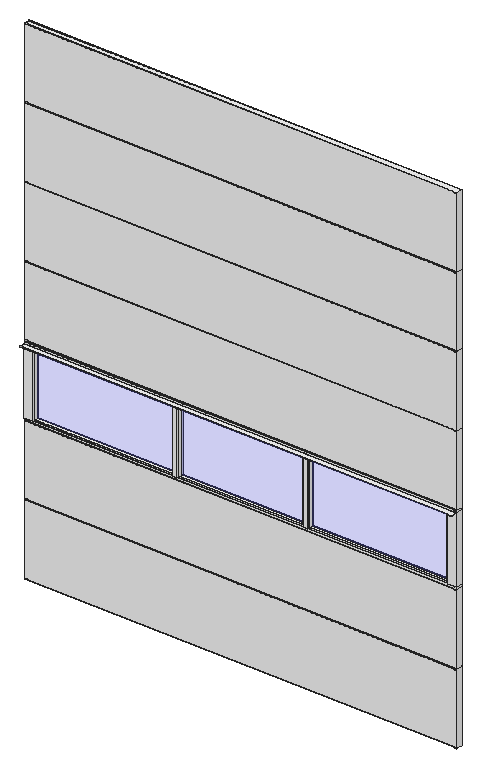
Revit family (continued)
Definition of nested family "Full Vision Section"
  Dimensions and locks (in)
    "End Stile Face": Extrusion 5 sketch curve to Extrusion 5 sketch curve
    locked: Extrusion 5 sketch curve to Extrusion 5 sketch curve at 0.375
    locked: Extrusion 6 sketch curve to Extrusion 6 sketch curve at 0.09338
    locked: Extrusion 2 to Extrusion 6 sketch curve at 1.875
    "Edge to 1st Int Stile": plane 10 to plane 9
    "Edge to 1st Int Stile": plane 6 to plane 11
    "Half Door Width": plane 2 "Center (Left/Right)" to plane 9
    "Half Door Width": plane 6 to plane 2 "Center (Left/Right)"
    "Half Rail Width": plane 2 "Center (Left/Right)" to plane 8
    "Half Rail Width": plane 7 to plane 2 "Center (Left/Right)"
    locked: Extrusion 3 sketch curve to Extrusion 3 sketch curve at 0.25
    radius of Extrusion 2 sketch curve = 0' - 0.12427"
    radius of Extrusion 2 sketch curve = 0' - 0.12444"
    radius of Extrusion 1 sketch curve = 0' - 0.12517"
    radius of Extrusion 1 sketch curve = 0' - 0.12664"
    aligned and locked: Extrusion 1 sketch curve to Extrusion 1 sketch curve  (x3)
    aligned and locked: Extrusion 2 sketch curve to Extrusion 1  (x3)
    aligned and locked: Extrusion 1 to Extrusion 2 sketch curve  (x3)
    aligned and locked: Extrusion 2 sketch curve to Extrusion 2 sketch curve  (x3)
    aligned: Extrusion 3 sketch curve to Extrusion 2
    aligned: Extrusion 3 sketch curve to Extrusion 1
    aligned and locked: Extrusion 3 sketch curve to Extrusion 1
    aligned and locked: Extrusion 4 sketch curve to Extrusion 4 sketch curve  (x3)
    aligned and locked: Extrusion 4 sketch curve to Extrusion 2
    aligned and locked: Extrusion 5 sketch curve to Extrusion 5 sketch curve  (x3)
    aligned and locked: Extrusion 5 sketch curve to Extrusion 2
    aligned and locked: nested 1 to Extrusion 2  (x2)
    aligned and locked: Extrusion 4 to Extrusion 3
    aligned and locked: Extrusion 1 to Extrusion 4
    aligned and locked: Extrusion 6 sketch curve to Extrusion 4
    aligned and locked: Extrusion 6 sketch curve to Extrusion 2
    aligned and locked: plane 2 "Center (Left/Right)" to nested 1
    aligned and locked: nested 1 to plane 5
    aligned and locked: Extrusion 5 sketch curve to plane 6
    aligned and locked: Extrusion 4 sketch curve to plane 9
    aligned and locked: plane 11 to nested 2
    aligned and locked: Extrusion 4 to nested 2
    aligned and locked: nested 2 to Extrusion 1
    aligned and locked: Extrusion 3 sketch curve to Extrusion 4  (x2)
  Automatic sketch dimensions
    Extrusion 1 sketch curve to level = 0' - 0"
    Extrusion 1 sketch curve to plane 5 = 0' - 0"
    Extrusion 1 sketch curve to Extrusion 1 sketch curve = 0' - 0 3/16"
    Extrusion 2 sketch curve to plane 5 = 0' - 0.50146"
    level to Extrusion 2 sketch curve = 1' - 10 21/32"
    Extrusion 2 sketch curve to Extrusion 2 sketch curve = 0' - 0 1/2"
  Nested families (in)
    nested 1: "Int Stile for Single" at (0, -3.5, 0.84375), visible <- "SingleStileVis", type "Single"
      with Stile Height 1' - 10 5/16"
    nested 2: "902 Int Stile Array" at (0, -3.5, 0.84375), visible <- "ArrayStileVis", type "Array"
      with NumIntStiles 2
  Definition of nested family "Int Stile for Single"
    Parameters (values of type "Single")
      Stile Height = 1' - 8 5/32"
      Frame Material = none
      Assembly Code = ""
    Reference planes (in)
      plane 1 "Center (Front/Back)": y = 0
      plane 2: z = 0
      plane 3 "Center (Left/Right)": x = 0
      plane 4: z = 20.15625
    Forms (in)
      Extrusion 1, solid, material <- "Frame Material"
        sketch origin (0, 0, 0) x (1, 0, 0) y (0, 1, 0)
          loop
            line (-0.65625, 0) -> (-0.65625, -0.125) -> (-0.78125, -0.125) -> (-1.15625, -0.5) -> (-1.15625, -0.63751) -> (-0.65625, -0.63751) -> (-0.65625, -0.88751) -> (-1.15625, -0.88751) -> (-1.15625, -1.88751) -> (-0.65625, -1.88751) -> (-0.65625, -2.125) -> (0.65625, -2.125) -> (0.65625, -1.88751) -> (1.15625, -1.88751) -> (1.15625, -0.88751) -> (0.65625, -0.88751) -> (0.65625, -0.63751) -> (1.15625, -0.63751) -> (1.15625, -0.5) -> (0.78125, -0.125) -> (0.65625, -0.125) -> (0.65625, 0) -> (-0.65625, 0)
        from 0 to 20.15625 <- "Stile Height"
    Dimensions and locks (in)
      "Stile Height": level to plane 4
      locked: Extrusion 1 sketch curve to Extrusion 1 sketch curve at 1.3125
      locked: Extrusion 1 sketch curve to Extrusion 1 sketch curve at 0.5  (x2)
      locked: Extrusion 1 sketch curve to plane 3 "Center (Left/Right)" at 1.15625
      locked: Extrusion 1 sketch curve to Extrusion 1 sketch curve at 2.125
      locked: Extrusion 1 sketch curve to Extrusion 1 sketch curve at 0.25
      locked: Extrusion 1 sketch curve to Extrusion 1 sketch curve at 1
      locked: Extrusion 1 sketch curve to Extrusion 1 sketch curve at 0.375  (x4)
      locked: Extrusion 1 sketch curve to Extrusion 1 sketch curve at 0.125  (x3)
      aligned and locked: plane 2 to level
      aligned and locked: Extrusion 1 sketch curve to Extrusion 1 sketch curve  (x8)
    Automatic sketch dimensions
      plane 1 "Center (Front/Back)" to Extrusion 1 sketch curve = 0' - 0"
      Extrusion 1 sketch curve to Extrusion 1 sketch curve = 0' - 0.23749"
  Definition of nested family "902 Int Stile Array"
    Parameters (values of type "Array")
      Stile Height = 1' - 10 5/16"
      NumIntStiles = 4
      IntStileCtrCtr = 3' - 8"
      Frame Material = none
      Assembly Code = ""
    Reference planes (in)
      plane 1 "Center (Front/Back)": y = 0
      plane 2: z = 0
      plane 3 "Center (Left/Right)": x = 0
      plane 4: z = 22.3125
      plane 5: x = 1.15625
      plane 6: x = -42.84375
    Forms (in)
      Extrusion 1, solid, material <- "Frame Material"
        sketch origin (0, 0, 0) x (1, 0, 0) y (0, 1, 0)
          loop
            line (-0.65625, 0) -> (-0.65625, -0.125) -> (-0.78125, -0.125) -> (-1.15625, -0.5) -> (-1.15625, -0.63751) -> (-0.65625, -0.63751) -> (-0.65625, -0.88751) -> (-1.15625, -0.88751) -> (-1.15625, -1.88751) -> (-0.65625, -1.88751) -> (-0.65625, -2.125) -> (0.65625, -2.125) -> (0.65625, -1.88751) -> (1.15625, -1.88751) -> (1.15625, -0.88751) -> (0.65625, -0.88751) -> (0.65625, -0.63751) -> (1.15625, -0.63751) -> (1.15625, -0.5) -> (0.78125, -0.125) -> (0.65625, -0.125) -> (0.65625, 0) -> (-0.65625, 0)
        from 0 to 22.3125 <- "Stile Height"
      Extrusion 2, solid, material <- "Frame Material"
        sketch origin (-44, 0, 0) x (1, 0, 0) y (0, 1, 0)
          loop
            line (-0.65625, 0) -> (-0.65625, -0.125) -> (-0.78125, -0.125) -> (-1.15625, -0.5) -> (-1.15625, -0.63751) -> (-0.65625, -0.63751) -> (-0.65625, -0.88751) -> (-1.15625, -0.88751) -> (-1.15625, -1.88751) -> (-0.65625, -1.88751) -> (-0.65625, -2.125) -> (0.65625, -2.125) -> (0.65625, -1.88751) -> (1.15625, -1.88751) -> (1.15625, -0.88751) -> (0.65625, -0.88751) -> (0.65625, -0.63751) -> (1.15625, -0.63751) -> (1.15625, -0.5) -> (0.78125, -0.125) -> (0.65625, -0.125) -> (0.65625, 0) -> (-0.65625, 0)
        from 0 to 22.3125 <- "Stile Height"
      Extrusion 3, solid, material <- "Frame Material"
        sketch origin (-88, 0, 0) x (1, 0, 0) y (0, 1, 0)
          loop
            line (-0.65625, 0) -> (-0.65625, -0.125) -> (-0.78125, -0.125) -> (-1.15625, -0.5) -> (-1.15625, -0.63751) -> (-0.65625, -0.63751) -> (-0.65625, -0.88751) -> (-1.15625, -0.88751) -> (-1.15625, -1.88751) -> (-0.65625, -1.88751) -> (-0.65625, -2.125) -> (0.65625, -2.125) -> (0.65625, -1.88751) -> (1.15625, -1.88751) -> (1.15625, -0.88751) -> (0.65625, -0.88751) -> (0.65625, -0.63751) -> (1.15625, -0.63751) -> (1.15625, -0.5) -> (0.78125, -0.125) -> (0.65625, -0.125) -> (0.65625, 0) -> (-0.65625, 0)
        from 0 to 22.3125 <- "Stile Height"
      Extrusion 4, solid, material <- "Frame Material"
        sketch origin (-132, 0, 0) x (1, 0, 0) y (0, 1, 0)
          loop
            line (-0.65625, 0) -> (-0.65625, -0.125) -> (-0.78125, -0.125) -> (-1.15625, -0.5) -> (-1.15625, -0.63751) -> (-0.65625, -0.63751) -> (-0.65625, -0.88751) -> (-1.15625, -0.88751) -> (-1.15625, -1.88751) -> (-0.65625, -1.88751) -> (-0.65625, -2.125) -> (0.65625, -2.125) -> (0.65625, -1.88751) -> (1.15625, -1.88751) -> (1.15625, -0.88751) -> (0.65625, -0.88751) -> (0.65625, -0.63751) -> (1.15625, -0.63751) -> (1.15625, -0.5) -> (0.78125, -0.125) -> (0.65625, -0.125) -> (0.65625, 0) -> (-0.65625, 0)
        from 0 to 22.3125 <- "Stile Height"
    Dimensions and locks (in)
      "Stile Height": level to plane 4
      locked: Extrusion 1 sketch curve to Extrusion 1 sketch curve at 1.3125
      locked: Extrusion 1 sketch curve to Extrusion 1 sketch curve at 0.5  (x2)
      locked: Extrusion 1 sketch curve to Extrusion 1 sketch curve at 2.125
      locked: Extrusion 1 sketch curve to Extrusion 1 sketch curve at 0.25
      locked: Extrusion 1 sketch curve to Extrusion 1 sketch curve at 1
      locked: Extrusion 1 sketch curve to Extrusion 1 sketch curve at 0.375  (x4)
      locked: Extrusion 1 sketch curve to Extrusion 1 sketch curve at 0.125  (x3)
      locked: Extrusion 2 sketch curve to Extrusion 2 sketch curve at 1.3125
      locked: Extrusion 2 sketch curve to Extrusion 2 sketch curve at 0.5  (x2)
      locked: Extrusion 2 sketch curve to Extrusion 2 sketch curve at 2.125
      locked: Extrusion 2 sketch curve to Extrusion 2 sketch curve at 0.25
      locked: Extrusion 2 sketch curve to Extrusion 2 sketch curve at 1
      locked: Extrusion 2 sketch curve to Extrusion 2 sketch curve at 0.375  (x4)
      locked: Extrusion 2 sketch curve to Extrusion 2 sketch curve at 0.125  (x3)
      equal spacing: group 4, group 3, group 2, group 1
      equal spacing: group 1, group 2, group 3, group 4  (x2)
      "IntStileCtrCtr": plane 5 to plane 6
      locked: Extrusion 3 sketch curve to Extrusion 3 sketch curve at 1.3125
      locked: Extrusion 3 sketch curve to Extrusion 3 sketch curve at 0.5  (x2)
      locked: Extrusion 3 sketch curve to Extrusion 3 sketch curve at 2.125
      locked: Extrusion 3 sketch curve to Extrusion 3 sketch curve at 0.25
      locked: Extrusion 3 sketch curve to Extrusion 3 sketch curve at 1
      locked: Extrusion 3 sketch curve to Extrusion 3 sketch curve at 0.375  (x4)
      locked: Extrusion 3 sketch curve to Extrusion 3 sketch curve at 0.125  (x3)
      locked: Extrusion 4 sketch curve to Extrusion 4 sketch curve at 1.3125
      locked: Extrusion 4 sketch curve to Extrusion 4 sketch curve at 0.5  (x2)
      locked: Extrusion 4 sketch curve to Extrusion 4 sketch curve at 2.125
      locked: Extrusion 4 sketch curve to Extrusion 4 sketch curve at 0.25
      locked: Extrusion 4 sketch curve to Extrusion 4 sketch curve at 1
      locked: Extrusion 4 sketch curve to Extrusion 4 sketch curve at 0.375  (x4)
      locked: Extrusion 4 sketch curve to Extrusion 4 sketch curve at 0.125  (x3)
      aligned and locked: plane 2 to level
      aligned and locked: Extrusion 1 sketch curve to Extrusion 1 sketch curve  (x8)
      aligned and locked: Extrusion 2 sketch curve to Extrusion 2 sketch curve  (x8)
      aligned and locked: plane 5 to Extrusion 1
      aligned and locked: plane 6 to Extrusion 2
      aligned and locked: Extrusion 3 sketch curve to Extrusion 3 sketch curve  (x8)
      aligned and locked: Extrusion 4 sketch curve to Extrusion 4 sketch curve  (x8)
    Automatic sketch dimensions
      Extrusion 1 sketch curve to Extrusion 1 sketch curve = 0' - 0.23749"
      Extrusion 2 sketch curve to Extrusion 2 sketch curve = 0' - 0.23749"
      Extrusion 3 sketch curve to Extrusion 3 sketch curve = 0' - 0.23749"
      Extrusion 4 sketch curve to Extrusion 4 sketch curve = 0' - 0.23749"
